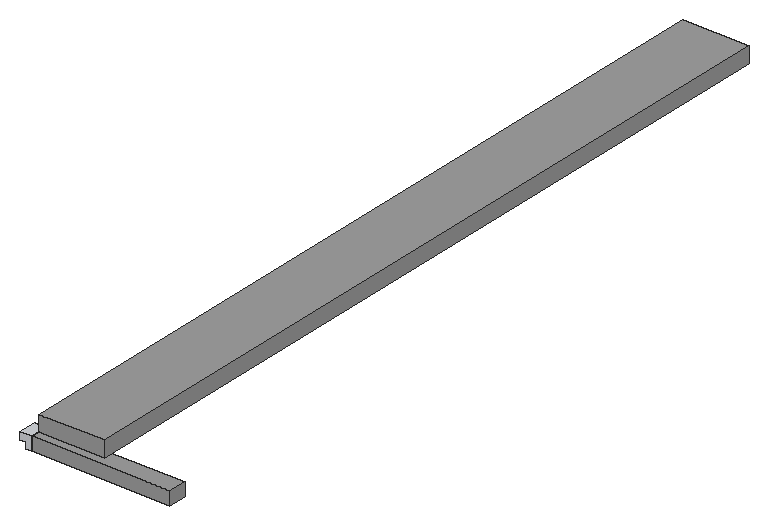
Revit family "坐凳", category 常规模型, Revit 2022
Family settings
  可将钢筋附着到主体 = 否
  圆形连接件大小 = 使用直径
  零件类型 = 标准
  基于工作平面 = 否
  总是垂直 = 是
  加载时剪切的空心 = 否
  保持注释方向 = 否
  共享 = 否
  房间计算点 = 否
Parameters
  默认高程 = 0 mm
  坐凳长 [instance] = 3600 mm
Reference planes
  plane 1 "中心(前/后)": y = 0
  plane 2: z = 0
  plane 3 "中心(左/右)": x = 0
Forms (mm)
  Extrusion 1, solid, material "杉木"
    sketch origin (5208.127, -225.57, 490) x (1, 0, 0) y (0, 0, -1)
      loop
        line (-2275, -20) -> (-1980, -20) -> (-1980, 50) -> (-2275, 50) -> (-2275, -20)
    from -1301.136 to 2298.864
  Extrusion 2, solid, material "杉木"
    sketch origin (1278.127, -1566.707, 490) x (-1, 0, 0) y (0, 0, 1)
      loop
        line (-1655, -110) -> (-1655, -50) -> (-2275, -50) -> (-2275, -110) -> (-1655, -110)
    from 0 to 80
  Extrusion 3, solid
    sketch origin (3549.47, -1782.98, 0) x (-1, 0, 0) y (0, 0, 1)
      loop
        line (616.342, 380) -> (641.342, 380) -> (641.342, 410) -> (666.342, 410) -> (666.342, 440) -> (616.342, 440) -> (616.342, 380)
    from 216.274 to 296.274
Dimensions and locks
  "坐凳长": Extrusion 1 to Extrusion 1
  aligned and locked: level to plane 2
Automatic sketch dimensions
  level to Extrusion 1 sketch curve = 510 mm
  plane 3 "中心(左/右)" to Extrusion 1 sketch curve = 2933.127 mm
  Extrusion 1 sketch curve to Extrusion 1 sketch curve = 295 mm
  Extrusion 1 sketch curve to Extrusion 1 sketch curve = 70 mm
  level to Extrusion 2 sketch curve = 380 mm
  plane 3 "中心(左/右)" to Extrusion 2 sketch curve = 3553.127 mm
  Extrusion 2 sketch curve to Extrusion 2 sketch curve = 620 mm
  Extrusion 2 sketch curve to Extrusion 2 sketch curve = 60 mm
  level to Extrusion 3 sketch curve = 380 mm
  plane 3 "中心(左/右)" to Extrusion 3 sketch curve = 2933.127 mm
  Extrusion 3 sketch curve to Extrusion 3 sketch curve = 25 mm  (x2)
  Extrusion 3 sketch curve to Extrusion 3 sketch curve = 30 mm  (x2)
